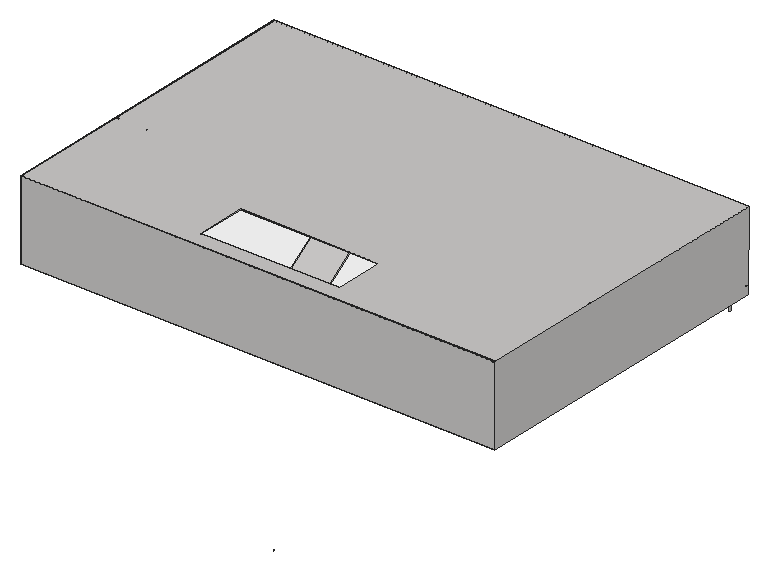
Revit family "QF_ELECTROLUXPROFESSIONAL_640205_EPF1624", category Attrezzature speciali, Revit 2021
Family settings
  Quota connettore circolare = Usa diametro
  Tipo di parte = Normale
  Basato su piano di lavoro = No
  Sempre verticale = Sì
  Taglio con vuoti quando caricato = No
  Condiviso = No
  Punto di calcolo locali = No
Parameters (values of type "Standard")
  Weight = 59.00 kg
  Watts = 0 W
  Volts = 0 V
  URL Manufacturer = "https://www.electroluxprofessional.com/"
  URL = "https://www.electroluxprofessional.com/"
  Steam Supply Size = 0 mm
  Steam Supply Minimum Pressure = 0.0 Pa
  Steam Supply Maximum Pressure = 0.0 Pa
  Steam Consumption per Hour = 0
  Refrigeration Suction Line Size = 0 mm
  Refrigeration Liquid Line Size = 0 mm
  Refrigerant Compressor Remote = yes
  Prospetto di default = 0 mm
  Produttore = "Electrolux Professional"
  Phase = 0
  Modello = "EPF1624"
  Length Actual = 2400 mm  # constant formula
  Item Number = "640205"
  Hot Water Size = 0 mm
  Height Actual = 400 mm  # constant formula
  HP = "0 HP"
  Gas Size = 0 mm
  Gas KW = 0
  Gas Input Pressure = 0 W
  Direct Waste Size = 0 mm
  Descrizione = "304 S/S WALL HOOD+FILTERS 240X160 CM"
  Depth Actual = 1600 mm  # constant formula
  Cycle = 0 Hz
  Condensate Return Size = 0 mm
  Compressed Air Volume = 0.0 L/s
  Compressed Air Size = 0 mm
  Compressed Air Pressure = 0.0 Pa
  Cold Water Size = 0 mm
  Accessory = yes
Reference planes
  plane 1: z = 0
  plane 2 "Center (Left/Right)": x = 150
  plane 3 "LEFT": x = -1050
  plane 4 "RIGHT": x = 1350
  plane 5 "BACK": y = 550
  plane 6 "TOP": z = 2400
  plane 7 "Base": z = 2000
  plane 8: z = 1970
  plane 9 "DrainY": y = 450
  plane 10: x = -1047
  plane 11: y = -720
  plane 12: y = -970
  plane 13 "DrainX": x = 1337
  plane 14 "AOLeft": x = -200
  plane 15 "AORight": x = 500
  plane 16: x = 1347
  plane 17: x = -850
  plane 18: x = 1150
  plane 19: through (0, -449.6, 2399.19) normal (0, -0.5736, 0.8192)
  plane 20: x = 50
  plane 21: x = 250
  plane 22 "Center (Front/Back)": y = -250
  plane 23 "Front": y = -1050
Forms (mm)
  Extrusion 1, solid, material "QF_Finishes_Stainless Steel"
    sketch origin (-1050, 0, 360) x (0, 1, 0) y (0, 0, 1)
      loop
        line (550, 1640) -> (550, 2040) -> (-1050, 2040) -> (-1050, 1640) -> (550, 1640)
    from 0 to 3
  Extrusion 2, solid, material "QF_Finishes_Stainless Steel"
    sketch origin (1350, 0, 360) x (0, 1, 0) y (0, 0, 1)
      loop
        line (550, 1640) -> (550, 2040) -> (-1050, 2040) -> (-1050, 1640) -> (550, 1640)
    from 0 to -3
  Extrusion 3, solid, material "QF_Finishes_Stainless Steel"
    sketch origin (150, 0, 360) x (0, 1, 0) y (0, 0, 1)
      loop
        line (-1050, 2040) -> (-1050, 1640) -> (-1040, 1640) -> (-1040, 1640.8) -> (-1049.2, 1640.8) -> (-1049.2, 2039.19) -> (549.2, 2039.19) -> (549.2, 1640.8) -> (540, 1640.8) -> (540, 1640) -> (550, 1640) -> (550, 2040) -> (-1050, 2040)
    from -1200 to 1200
  Extrusion 4, solid, material "QF_Finishes_Stainless Steel"
    sketch origin (0, 0, 2000) x (0, 1, 0) y (-1, 0, 0)
      loop
        circle (450, -1337) r 4.763
    from -30 to 0
  Extrusion 5, void
    sketch origin (0, 0, 2400) x (0, 1, 0) y (-1, 0, 0)
      loop
        line (-720, -500) -> (-720, 200) -> (-970, 200) -> (-970, -500) -> (-720, -500)
    from 0 to -10
  Extrusion 6, solid, material "QF_Finishes_Stainless Steel"
    sketch origin (0, 0, 0) x (1, 0, 0) y (0, 1, 0)
      loop
        line (-1050, 550) -> (-1050, 549) -> (-1049, 549) -> (-1049, 550) -> (-1050, 550)
    from 0 to 1
  Extrusion 7, solid, material "QF_Finishes_Stainless Steel"
    sketch origin (150, 0, 360) x (0, 1, 0) y (0, 0, 1)
      loop
        line (-531.515, 1981.832) -> (-534.381, 1985.926) -> (-973.276, 1678.608) -> (-970.553, 1674.415) -> (-531.515, 1981.832)
    from -1000 to -1197
  Extrusion 8, solid, material "QF_Finishes_Stainless Steel"
    sketch origin (150, 0, 360) x (0, 1, 0) y (0, 0, 1)
      loop
        line (-1050, 2039.19) -> (-1050, 1640) -> (-1019.702, 1640) -> (-970.553, 1674.415) -> (-978.723, 1686.995) -> (-979.394, 1686.559) -> (-971.645, 1674.627) -> (-1019.955, 1640.8) -> (-1049.2, 1640.8) -> (-1049.2, 2039.19) -> (-1050, 2039.19)
      loop
        line (-449.6, 2039.19) -> (-450.995, 2039.19) -> (-531.319, 1982.947) -> (-539.464, 1994.578) -> (-540.119, 1994.12) -> (-531.515, 1981.832) -> (-449.6, 2039.19)
    from -1197 to 1197
  Extrusion 9, solid, material "QF_Finishes_Stainless Steel"
    sketch origin (150, 0, 360) x (0, 1, 0) y (0, 0, 1)
      loop
        line (-531.515, 1981.832) -> (-534.381, 1985.926) -> (-973.276, 1678.608) -> (-970.553, 1674.415) -> (-531.515, 1981.832)
    from 1197 to 1000
  Extrusion 10, solid, material "QF_Finishes_Stainless Steel"
    sketch origin (150, 0, 360) x (0, 1, 0) y (0, 0, 1)
      loop
        line (-531.515, 1981.832) -> (-534.381, 1985.926) -> (-973.276, 1678.608) -> (-970.553, 1674.415) -> (-531.515, 1981.832)
    from -100 to 100
  Extrusion 11, solid, material "QF_Finished_Chrome"
    sketch origin (150, 0, 360) x (0, 1, 0) y (0, 0, 1)
      loop
        line (-531.515, 1981.832) -> (-534.381, 1985.926) -> (-973.276, 1678.608) -> (-970.553, 1674.415) -> (-531.515, 1981.832)
    from -1000 to -100
  Extrusion 12, solid, material "QF_Finished_Chrome"
    sketch origin (150, 0, 360) x (0, 1, 0) y (0, 0, 1)
      loop
        line (-531.515, 1981.832) -> (-534.381, 1985.926) -> (-973.276, 1678.608) -> (-970.553, 1674.415) -> (-531.515, 1981.832)
    from 100 to 1000
  Sweep 13, solid, material "QF_Finishes_Stainless Steel"
    path origin (0, 0, 0) x (1, 0, 0) y (0, 1, 0)
      loop
        line (1350, 550) -> (-1050, 550) -> (-1050, -1050) -> (1350, -1050) -> (1350, 550)
    profile origin (1350, -250, 0) x (1, 0, 0) y (0, 0, 1)
      loop
        line (-3, 2000) -> (-3, 2000.8) -> (-19, 2000.8) -> (-19, 2010) -> (-20, 2010) -> (-20, 2000) -> (-3, 2000)
  Extrusion 14, solid, material "QF_Finishes_Stainless Steel"
    sketch origin (150, 0, 0) x (0, 1, 0) y (0, 0, 1)
      loop
        line (108.687, 2305.487) -> (549.2, 2040.8) -> (549.2, 2041.733) -> (109.285, 2306.061) -> (-443.438, 2399.19) -> (-445.739, 2399.19) -> (108.687, 2305.487)
    from -1197 to 1197
Cuts and joins
  Extrusion 5 cuts Extrusion 3
  joined: Extrusion 2, Extrusion 3, Sweep 13
Lines and regions (mm)
  symbolic lines, style "SpecialityEquipment", detail levels coarse
    curve 1: line (1350, 550, 2400) -> (-1050, 550, 2400)
    curve 2: line (-1050, 550, 2400) -> (-1050, -1050.8, 2400)
    curve 3: line (1350, -1050.8, 2400) -> (1350, 550, 2400)
    curve 4: line (500, -970, 2400) -> (-200, -970, 2400)
    curve 5: line (500, -720, 2400) -> (500, -970, 2400)
    curve 6: line (-200, -720, 2400) -> (500, -720, 2400)
    curve 7: line (-200, -970, 2400) -> (-200, -720, 2400)
    curve 8: line (-1050, 550, 0) -> (1350, -1050, 0)
    curve 9: line (1350, 550, 0) -> (-1050, -1050, 0)
  symbolic lines, detail levels coarse
    curve 10: line (-1050, -1050, 0) -> (1350, -1050, 0)
    curve 11: line (-200, -720, 0) -> (-200, -970, 0)
    curve 12: line (500, -720, 0) -> (-200, -720, 0)
    curve 13: line (500, -970, 0) -> (500, -720, 0)
    curve 14: line (-200, -970, 0) -> (500, -970, 0)
Dimensions and locks
  plane 3 "LEFT" to plane 4 "RIGHT" = 2400 mm
  equal spacing: plane 3 "LEFT", plane 2 "Center (Left/Right)", plane 4 "RIGHT"
  plane 7 "Base" to plane 8 = 30 mm
  plane 5 "BACK" to plane 9 "DrainY" = 100 mm  (x2)
  plane 3 "LEFT" to plane 10 = 3 mm
  plane 13 "DrainX" to plane 4 "RIGHT" = 13 mm
  plane 16 to plane 4 "RIGHT" = 3 mm
  plane 3 "LEFT" to plane 17 = 200 mm
  plane 18 to plane 4 "RIGHT" = 200 mm
  locked: plane 14 "AOLeft" to plane 15 "AORight" at 700
  equal spacing: plane 14 "AOLeft", plane 2 "Center (Left/Right)", plane 15 "AORight"
  locked: plane 7 "Base" to level at 2000
  locked: plane 6 "TOP" to plane 7 "Base" at 400
  locked: plane 20 to plane 21 at 200
  equal spacing: plane 20, plane 2 "Center (Left/Right)", plane 21
  locked: plane 11 to plane 12 at 250
  plane 5 "BACK" to plane 23 "Front" = 1600 mm  (x2)
  equal spacing: plane 5 "BACK", plane 22 "Center (Front/Back)", plane 23 "Front"
  plane 12 to plane 23 "Front" = 80 mm
  aligned and locked: level to plane 1
  aligned and locked: plane 4 "RIGHT" to Extrusion 3
  aligned and locked: Extrusion 3 to plane 3 "LEFT"
  aligned and locked: Extrusion 5 to plane 14 "AOLeft"
  aligned and locked: Extrusion 5 to plane 12
  aligned and locked: Extrusion 5 to plane 11
  aligned and locked: Extrusion 7 to plane 10
  aligned and locked: Extrusion 7 to plane 17
  aligned and locked: Extrusion 2 to plane 16
  aligned and locked: Extrusion 5 to plane 15 "AORight"
  aligned and locked: plane 15 "AORight" to curve 5
  aligned and locked: plane 16 to Extrusion 9
  aligned and locked: plane 18 to Extrusion 9
  aligned and locked: Extrusion 10 to plane 21
  aligned and locked: Extrusion 10 to plane 20
  aligned and locked: Extrusion 11 to plane 20
  aligned and locked: plane 17 to Extrusion 11
  aligned and locked: Extrusion 12 to plane 21
  aligned and locked: Extrusion 12 to plane 18
  aligned and locked: Extrusion 14 to plane 10
  aligned and locked: plane 16 to Extrusion 14
  aligned and locked: Extrusion 8 to plane 10
  aligned and locked: Extrusion 8 to plane 16
  aligned and locked: Extrusion 1 to plane 23 "Front"
Automatic sketch dimensions
  curve 2 to plane 3 "LEFT" = 0 mm
  curve 4 to plane 12 = 0 mm
  plane 11 to curve 6 = 0 mm
  curve 2 to plane 5 "BACK" = 0 mm
  curve 4 to plane 14 "AOLeft" = 0 mm
  Extrusion 1 sketch curve to plane 7 "Base" = 0 mm
  Extrusion 1 sketch curve to plane 5 "BACK" = 0 mm
  Extrusion 1 sketch curve to plane 6 "TOP" = 0 mm
  Extrusion 2 sketch curve to plane 7 "Base" = 0 mm
  Extrusion 2 sketch curve to plane 5 "BACK" = 0 mm
  Extrusion 2 sketch curve to plane 6 "TOP" = 0 mm
  Extrusion 3 sketch curve to plane 6 "TOP" = 0 mm
  Extrusion 3 sketch curve to plane 7 "Base" = 0 mm  (x2)
  Extrusion 3 sketch curve to plane 5 "BACK" = 0 mm
  Extrusion 3 sketch curve to Extrusion 3 sketch curve = 9.2 mm
  plane 7 "Base" to Extrusion 3 sketch curve = 0.8 mm  (x2)
  Extrusion 3 sketch curve to plane 5 "BACK" = 10 mm
  Extrusion 3 sketch curve to plane 5 "BACK" = 0.8 mm
  Extrusion 3 sketch curve to plane 6 "TOP" = 0.81 mm
  Extrusion 4 sketch curve to plane 9 "DrainY" = 0 mm
  Extrusion 4 sketch curve to plane 13 "DrainX" = 0 mm
  Extrusion 5 sketch curve to plane 12 = 0 mm
  plane 11 to Extrusion 5 sketch curve = 0 mm
  Extrusion 5 sketch curve to plane 15 "AORight" = 0 mm
  Extrusion 5 sketch curve to plane 14 "AOLeft" = 0 mm
  Extrusion 6 sketch curve to plane 3 "LEFT" = 0 mm
  Extrusion 6 sketch curve to plane 5 "BACK" = 0 mm
  plane 3 "LEFT" to Extrusion 6 sketch curve = 1 mm
  Extrusion 6 sketch curve to Extrusion 6 sketch curve = 1 mm
  Extrusion 7 sketch curve to plane 19 = 0 mm  (x2)
  plane 7 "Base" to Extrusion 7 sketch curve = 34.415 mm
  Extrusion 7 sketch curve to plane 6 "TOP" = 54.074 mm
  Extrusion 8 sketch curve to plane 7 "Base" = 0 mm
  plane 19 to Extrusion 8 sketch curve = 0 mm  (x4)
  Extrusion 8 sketch curve to Extrusion 8 sketch curve = 0.252 mm
  Extrusion 8 sketch curve to Extrusion 8 sketch curve = 40.561 mm
  plane 7 "Base" to Extrusion 8 sketch curve = 46.995 mm
  Extrusion 8 sketch curve to Extrusion 8 sketch curve = 0.671 mm
  plane 7 "Base" to Extrusion 8 sketch curve = 34.627 mm
  Extrusion 8 sketch curve to Extrusion 8 sketch curve = 7.749 mm
  Extrusion 8 sketch curve to plane 6 "TOP" = 45.88 mm
  Extrusion 8 sketch curve to plane 6 "TOP" = 45.422 mm
  Extrusion 8 sketch curve to plane 6 "TOP" = 57.053 mm
  Extrusion 8 sketch curve to plane 6 "TOP" = 0.81 mm  (x2)
  plane 7 "Base" to Extrusion 8 sketch curve = 0.8 mm
  Extrusion 9 sketch curve to plane 19 = 0 mm  (x2)
  plane 7 "Base" to Extrusion 9 sketch curve = 34.415 mm
  Extrusion 9 sketch curve to plane 6 "TOP" = 54.074 mm
  Extrusion 10 sketch curve to plane 19 = 0 mm  (x2)
  plane 7 "Base" to Extrusion 10 sketch curve = 34.415 mm
  Extrusion 10 sketch curve to plane 6 "TOP" = 54.074 mm
  Extrusion 11 sketch curve to plane 19 = 0 mm  (x2)
  plane 7 "Base" to Extrusion 11 sketch curve = 34.415 mm
  Extrusion 11 sketch curve to plane 6 "TOP" = 54.074 mm
  Extrusion 12 sketch curve to plane 19 = 0 mm  (x2)
  plane 7 "Base" to Extrusion 12 sketch curve = 34.415 mm
  Extrusion 12 sketch curve to plane 6 "TOP" = 54.074 mm
  Sweep 13 sketch curve to plane 3 "LEFT" = 0 mm
  Sweep 13 sketch curve to plane 4 "RIGHT" = 0 mm
  Sweep 13 sketch curve to plane 5 "BACK" = 0 mm
  profile plane to Sweep 13 sketch curve = 20 mm
  Sweep 13 sketch curve to Sweep 13 sketch curve = 1 mm
  profile plane to Sweep 13 sketch curve = 3 mm
  level to Sweep 13 sketch curve = 2000 mm
  Sweep 13 sketch curve to Sweep 13 sketch curve = 0.8 mm
  Sweep 13 sketch curve to Sweep 13 sketch curve = 9.2 mm
  Extrusion 7 sketch curve to plane 11 = 185.619 mm
  Extrusion 8 sketch curve to Extrusion 8 sketch curve = 90.519 mm
  Extrusion 9 sketch curve to plane 11 = 185.619 mm
  Extrusion 10 sketch curve to plane 11 = 185.619 mm
  Extrusion 11 sketch curve to plane 11 = 185.619 mm
  Extrusion 12 sketch curve to plane 11 = 185.619 mm
  Extrusion 1 sketch curve to plane 12 = 80 mm
  Extrusion 2 sketch curve to plane 12 = 80 mm
  Extrusion 3 sketch curve to plane 12 = 70 mm
  Extrusion 3 sketch curve to Extrusion 3 sketch curve = 0.8 mm
  Extrusion 7 sketch curve to plane 12 = 3.276 mm
  Extrusion 8 sketch curve to plane 12 = 79.2 mm
  Extrusion 8 sketch curve to Extrusion 8 sketch curve = 0.8 mm
  Extrusion 9 sketch curve to plane 12 = 3.276 mm
  Extrusion 10 sketch curve to plane 12 = 3.276 mm
  Extrusion 11 sketch curve to plane 12 = 3.276 mm
  Extrusion 12 sketch curve to plane 12 = 3.276 mm
  Sweep 13 sketch curve to plane 12 = 80 mm
  Extrusion 14 sketch curve to plane 6 "TOP" = 0.81 mm
  Extrusion 14 sketch curve to plane 22 "Center (Front/Back)" = 195.739 mm
  Extrusion 14 sketch curve to Extrusion 14 sketch curve = 2.3 mm
  Extrusion 14 sketch curve to plane 6 "TOP" = 94.513 mm
  Extrusion 14 sketch curve to plane 9 "DrainY" = 341.313 mm
  Extrusion 14 sketch curve to plane 6 "TOP" = 93.939 mm
  Extrusion 14 sketch curve to Extrusion 14 sketch curve = 0.598 mm
  Extrusion 14 sketch curve to plane 5 "BACK" = 0.8 mm
  plane 7 "Base" to Extrusion 14 sketch curve = 40.8 mm
  Extrusion 14 sketch curve to Extrusion 14 sketch curve = 0.933 mm
  curve 3 to plane 4 "RIGHT" = 0 mm
  curve 3 to plane 23 "Front" = 0.8 mm
  curve 2 to plane 23 "Front" = 0.8 mm
  curve 10 to plane 3 "LEFT" = 0 mm
  curve 8 to plane 3 "LEFT" = 0 mm
  curve 9 to plane 4 "RIGHT" = 0 mm
  curve 10 to plane 4 "RIGHT" = 0 mm
  curve 8 to plane 23 "Front" = 0 mm
  curve 9 to plane 5 "BACK" = 0 mm
  curve 8 to plane 5 "BACK" = 0 mm
  plane 11 to curve 11 = 0 mm
  curve 11 to plane 14 "AOLeft" = 0 mm
  curve 12 to plane 15 "AORight" = 0 mm
  curve 13 to plane 12 = 0 mm
  radius of Extrusion 4 sketch curve = 4.763 mm
Connectors
  piping at (1337, 450, 1970), diameter 9.5
    settings: on Extrusion 4, index 1, connector inside diameter 609.6 mm, connector length 0 mm, flow factor 0, pipe flow 0.0 L/s, pressure drop 0.0 Pa, fitting loss kfactor 0, connector angle 0.00°, fixture units 0, engagement length 0 mm, angle of deflection 0.00°, flow configuration 1, flow direction 2, fitting loss method 0, system type 16, joint type 0, gender type 0, connector reference index -1, connector utility 0, adjustable connector no, is connector primary yes, connector description "Drain"
  hvac at (150, -845, 2400)
    settings: on Extrusion 5, index 2, duct flow 0.0 L/s, flow factor 0, pres drop 0.0 Pa, loss coef 0, conn angle 0.00°, conn width 250 mm, conn height 700 mm, conn diameter 609.6 mm, duct sys type 3, conn prof type 1, flow config 1, flow direction 0, loss method 0, conn ref index -1, conn util no, is conn primary yes, conn desc "EXHAUST OUTLET"
